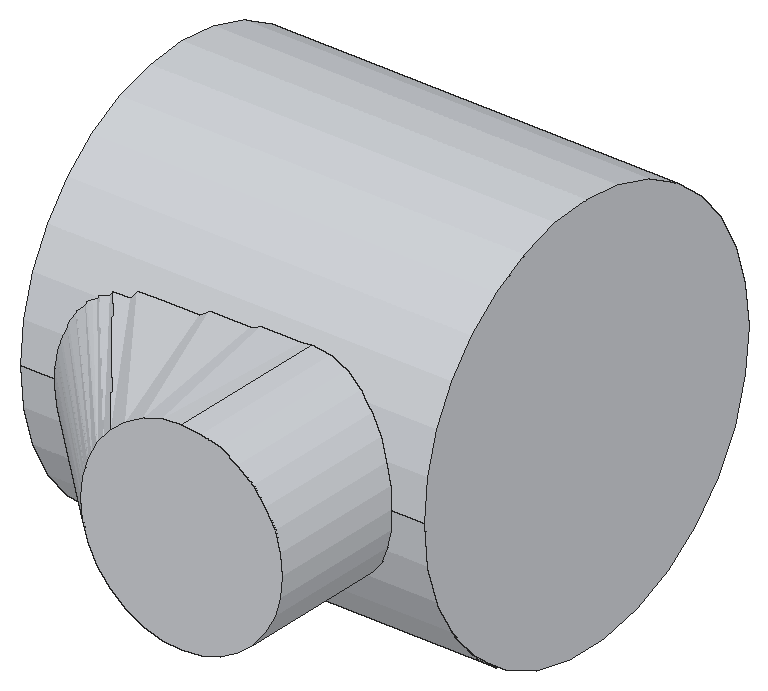
Revit family "M_Round Tee - Beveled", category Duct Fittings, Revit 2014
Parameters (values of type "Standard")
  Shoulder Length [instance] = 25 mm
  Radius [instance] = if(Duct Radius 1 > Duct Radius 3, Duct Radius 1, Duct Radius 3)  # 150 mm
  Length 7 [instance] = if(Duct Radius 3 > Length 2, Duct Radius 3 + Shoulder Length, Length 2)  # 100 mm
  Length 6 [instance] = Duct Radius 3 * 2 + Length 1 - Duct Radius 1 + Shoulder Length * 2  # 300 mm
  Length 5 [instance] = if(Length 6 - Length 2 > Length 2, Length 2, (Length 6 - Length 2))  # 100 mm
  Length 4 [instance] = Duct Length 3 + Duct Radius 1  # 250 mm
  Length 3 [instance] = Base Radius - Duct Radius 3  # 125 mm
  Length 2 [instance] = Duct Radius 3 + Shoulder Length  # 100 mm
  Length 1 [instance] = if(or(Length 4 = Duct Radius 1, Length 4 < Duct Radius 1), Duct Radius 1 + Duct Length 3, Length 4)  # 250 mm
  Duct Radius 3 [instance] = 75 mm
  Duct Radius 1 [instance] = 150 mm
  Duct Length 3 [instance] = if(Duct Diameter 3 < 210 mm, 100 mm, (if(Duct Diameter 3 < 360 mm, 175 mm, (if(Duct Diameter 3 < 650 mm, 250 mm, 325 mm)))))  # 100 mm
  Duct Length 1 [instance] = if(Duct Radius 3 > Length 5, (Length 6 + Duct Radius 3 - Length 5 + Shoulder Length), Length 6)  # 300 mm
  Duct Diameter 3 [instance] = Duct Radius 3 * 2  # 150 mm
  Duct Diameter 1 [instance] = Duct Radius 1 * 2  # 300 mm
  Base Radius [instance] = (Duct Diameter 3 + Length 1) / 2  # 200 mm
  Assembly Code = ""
Reference planes
  plane 1 "Center (Front/Back)": y = 0
  plane 2: z = 0
  plane 3 "Center (Left/Right)": x = 0
  plane 4: x = -200
  plane 5: x = 100
  plane 6: y = -250
  plane 7: x = -250
  plane 8: x = -450
Forms (mm)
  Sweep 1, solid, detail levels medium+fine
    path origin (0, 0, 0) x (1, 0, 0) y (0, 1, 0)
      loop
        line (-200, 0) -> (100, 0)
    profile origin (-50, 0, 0) x (0, 1, 0) y (0, 0, 1)
      loop
        circle (0, 0) r 150
  Blend 2, solid, detail levels medium+fine
    base sketch origin (0, 0, 0) x (1, 0, 0) y (0, 0, 1)
      loop
        arc (-250, 75) -> (-325, 0) -> (-250, -75) r 75
        line (-250, -75) -> (0, -75)
        arc (0, -75) -> (75, 0) -> (0, 75) r 75
        line (0, 75) -> (-250, 75)
    top sketch origin (0, 0, 0) x (1, 0, 0) y (0, 0, 1)
      loop
        arc (0, 75) -> (-28.701, 69.291) -> (-53.033, 53.033) r 75
        arc (-53.033, 53.033) -> (-75, 0) -> (-53.033, -53.033) r 75
        arc (-53.033, -53.033) -> (-28.701, -69.291) -> (0, -75) r 75
        arc (0, -75) -> (75, 0) -> (0, 75) r 75
    from 0 to 250
  Sweep 3, void
    path origin (0, 0, 0) x (1, 0, 0) y (0, 1, 0)
      loop
        line (-450, 0) -> (-200, 0)
    profile origin (-325, 0, 0) x (0, 1, 0) y (0, 0, 1)
      loop
        circle (0, 0) r 150
  Sweep 4, void
    path origin (0, 0, 0) x (1, 0, 0) y (0, 1, 0)
      loop
        line (-450, 0) -> (-200, 0)
    profile origin (-325, 0, 0) x (0, 1, 0) y (0, 0, 1)
      loop
        circle (0, 0) r 152.4
  Sweep 5, void
    path origin (0, 0, 0) x (1, 0, 0) y (0, 1, 0)
      loop
        line (-450, 0) -> (-200, 0)
    profile origin (-325, 0, 0) x (0, 1, 0) y (0, 0, 1)
      loop
        circle (0, 0) r 150
  Extrusion 6, solid, not visible
    sketch origin (0, 0, 0) x (1, 0, 0) y (0, 0, 1)
      loop
        circle (0, 0) r 0.635
    from 0 to 250
Cuts and joins
  Sweep 3, Sweep 4, Sweep 5 cuts Sweep 1
  Sweep 3, Sweep 4, Sweep 5 cuts Blend 2
Lines and regions (mm)
  model lines, style "DuctFitting", detail levels coarse
    curve 1: line (-200, 0, 0) -> (100, 0, 0)
  model lines, detail levels coarse
    curve 2: line (0, 0, 0) -> (0, -250, 0)
  reference lines
    curve 3: line (0, 0, 0) -> (-228.997, 0, 228.997)
    curve 4: line (0, 0, 0) -> (-220.016, 0, -220.016)
Dimensions and locks
  "Length 1": curve 2 to curve 2
  "Duct Length 1": plane 4 to plane 5
  "Length 7": plane 3 "Center (Left/Right)" to plane 5
  "Length 1": plane 6 to plane 1 "Center (Front/Back)"
  "Length 1": plane 7 to plane 3 "Center (Left/Right)"
  "Length 1": plane 8 to plane 4
  "Duct Radius 1": radius of Sweep 1 sketch curve
  "Duct Radius 3": radius of Blend 2 sketch curve  (x6)
  "Duct Radius 1": radius of Sweep 3 sketch curve
  radius of Extrusion 6 sketch curve = 0.635 mm
  "Radius": radius of Sweep 5 sketch curve
  locked: curve 2 to plane 1 "Center (Front/Back)" (angle 90.00°)
  angle plane 3 "Center (Left/Right)" to curve 3 = 45.00°
  angle curve 4 to plane 3 "Center (Left/Right)" = 45.00°
  aligned and locked: plane 4 to curve 1
  aligned and locked: plane 5 to curve 1
  aligned and locked: Sweep 1 sketch curve to curve 1
  aligned and locked: profile plane to Sweep 1 sketch curve  (x2)
  aligned and locked: plane 3 "Center (Left/Right)" to curve 2
  aligned and locked: plane 3 "Center (Left/Right)" to Blend 2 sketch curve  (x4)
  aligned and locked: plane 2 to Blend 2 sketch curve  (x3)
  aligned and locked: Blend 2 to plane 1 "Center (Front/Back)"
  aligned and locked: Blend 2 to plane 6
  aligned and locked: plane 7 to Blend 2 sketch curve
  aligned and locked: plane 1 "Center (Front/Back)" to Sweep 3 sketch curve
  aligned and locked: plane 8 to Sweep 3 sketch curve
  aligned and locked: plane 4 to Sweep 3 sketch curve
  aligned and locked: profile plane to Sweep 3 sketch curve  (x2)
  aligned and locked: plane 1 "Center (Front/Back)" to Sweep 4 sketch curve
  aligned and locked: plane 8 to Sweep 4 sketch curve
  aligned and locked: plane 4 to Sweep 4 sketch curve
  aligned and locked: profile plane to Sweep 4 sketch curve  (x2)
  aligned and locked: plane 1 "Center (Front/Back)" to Sweep 5 sketch curve
  aligned and locked: plane 8 to Sweep 5 sketch curve
  aligned and locked: plane 4 to Sweep 5 sketch curve
  aligned and locked: profile plane to Sweep 5 sketch curve  (x2)
  aligned and locked: plane 3 "Center (Left/Right)" to curve 3
  aligned and locked: plane 2 to curve 3
  aligned and locked: curve 3 to Blend 2 sketch curve
  aligned and locked: curve 4 to Blend 2 sketch curve
  aligned and locked: plane 3 "Center (Left/Right)" to Extrusion 6 sketch curve
  aligned and locked: plane 2 to Extrusion 6 sketch curve
  aligned and locked: Extrusion 6 to plane 1 "Center (Front/Back)"
  aligned and locked: Extrusion 6 to plane 6
Automatic sketch dimensions
  Sweep 1 sketch curve to plane 4 = 0 mm
  Sweep 1 sketch curve to plane 5 = 0 mm
  curve 2 to plane 6 = 0 mm
  radius of Sweep 4 sketch curve = 152.4 mm
Connectors
  hvac at (-200, 0, 0), driven by "Duct Radius 1"
    settings: on Sweep 1, index 1, duct flow 0.0 L/s, flow factor 0, pres drop 0.0 Pa, loss coef 0, conn angle 0.00°, conn width 304.8 mm, conn height 304.8 mm, conn diameter 300 mm, duct sys type 28, conn prof type 0, flow config 0, flow direction 0, loss method 0, conn ref index 2, conn util no, is conn primary yes, conn desc ""
  hvac at (100, 0, 0), driven by "Duct Radius 1"
    settings: on cut or joined group of Sweep 1, Sweep 3, Sweep 4, Sweep 5, index 2, duct flow 0.0 L/s, flow factor 0, pres drop 0.0 Pa, loss coef 0, conn angle 0.00°, conn width 304.8 mm, conn height 304.8 mm, conn diameter 300 mm, duct sys type 28, conn prof type 0, flow config 0, flow direction 0, loss method 0, conn ref index 1, conn util no, is conn primary no, conn desc ""
  hvac at (0, -250, 0), driven by "Duct Radius 3"
    settings: on Extrusion 6, index 3, duct flow 0.0 L/s, flow factor 0, pres drop 0.0 Pa, loss coef 0, conn angle 0.00°, conn width 304.8 mm, conn height 304.8 mm, conn diameter 150 mm, duct sys type 28, conn prof type 0, flow config 0, flow direction 0, loss method 0, conn ref index -1, conn util no, is conn primary no, conn desc ""
